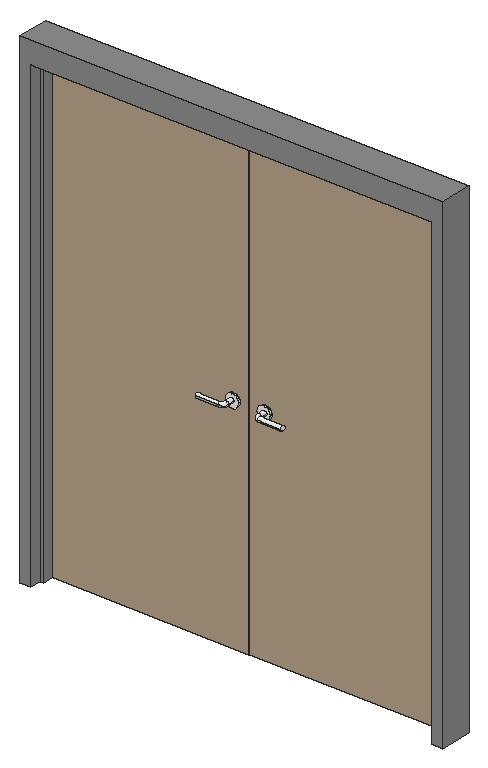
Revit family "59ced259b47242f8bc4b3b6d40734f86", category Doors, host Wall, Revit 2021
Family settings
  Host = Wall
  OmniClass Number = 23.30.10.00
  OmniClass Title = Doors
  Always vertical = Yes
  Cut with Voids When Loaded = No
  Shared = No
  Room Calculation Point = No
Parameters
  Visual Light Transmittance = 0
  Thickness = 1 3/4"
  Thermal Resistance (R) = 1.5338 (h·ft²·°F)/BTU
  Swing Angle [instance] = 90.00°
  Strike Height = 40"
  Solar Heat Gain Coefficient = 0
  SinglePanelWidth = Width / 2  # 36"
  Rough Width [instance] = Width + MFOpeningWidth  # 76"
  Rough Height [instance] = Height + MFOpeningHeight  # 88"
  Panel Material = Metal Door - Brindle
  Masonry Frame [instance] = yes
  MFOpeningHeight [instance] = if(Masonry Frame, 4", 1 1/4")  # 4"
  MFOpeningWidth [instance] = if(Masonry Frame, 4", 2 1/2")  # 4"
  Inset Calculate [instance] = if(Masonry Frame, Masonry Inset + 3", 3")  # 4"
  Masonry Inset [instance] = 1"
  Height = 84"
  Wall Closure = By host
  Width = 72"
  Heat Transfer Coefficient (U) = 0.6520 BTU/(h·ft²·°F)
  Function = Exterior
  Frame Material = Metal - Painted - Grey
  Masonry Frame Depth = 5 3/4"
  Dry Wall Frame [instance] = not(Masonry Frame)  # no
  Door Handle Material = Metal - Aluminium
  Assembly Code = "B2030200"
  Analytic Construction = "Metal"
Reference planes (in)
  plane 1 "Center (Front/Back)": y = 0
  plane 2 "Center (Left/Right)": x = 0
  plane 3 "Left": x = -38
  plane 4 "Right": x = 38
  plane 5 "Top": z = 88
  plane 6 "Exterior": y = 4.25
  plane 7 "Interior": y = -3.75
  plane 8 "Door Panel Right": x = -36
  plane 9 "Door Panel Left": x = 36
  plane 10 "Top Of Panel": z = 84
  plane 11: z = 0
  plane 12: z = 0
  plane 13: y = 1.5
  plane 14: z = 40
  plane 15: y = 3.25
  plane 16: y = -2.5
  plane 17: y = 1.3125
  plane 18: x = -35.375
  plane 19: y = -0.5625
  plane 20: z = 86
  plane 21: y = 7.25
  plane 22: z = 86
  plane 23: x = 36.75
  plane 24: x = 38.75
  plane 25: y = 4.75
  plane 26: y = -4.25
  plane 27: x = 36.125
  plane 28: y = 1.3125
  plane 29: y = -0.1875
  plane 30: y = 2.375
  plane 31: y = 2.75
  plane 32: y = 2
Forms (in)
  Extrusion 1, solid, material "Metal Door - Brindle" <- "Panel Material"
    sketch origin (0, 0, 0) x (1, 0, 0) y (0, 0, 1)
      loop
        line (36, 84) -> (0.0625, 84) -> (0.0625, 0) -> (36, 0) -> (36, 84)
      loop
        line (-36, 0) -> (-0.0625, 0) -> (-0.0625, 84) -> (-36, 84) -> (-36, 0)
    from -3.25 to -1.5
  Sweep 2, solid, material "Metal - Painted - Grey" <- "Frame Material", visible <- "Masonry Frame"
    path origin (0, 4.25, 0) x (1, 0, 0) y (0, 0, 1)
      loop
        line (38, 0) -> (38, 86) -> (-38, 86) -> (-38, 0)
    profile origin (-38, 4.25, 43) x (0, -1, 0) y (1, 0, 0)
      loop
        line (1, 2) -> (1, 0) -> (6.75, 0) -> (6.75, 2) -> (4.8125, 2) -> (4.8125, 2.625) -> (2.9375, 2.625) -> (2.9375, 2) -> (1, 2)
  Extrusion 3, solid, material "Metal - Painted - Grey" <- "Frame Material", visible <- "Masonry Frame"
    sketch origin (0, 0, 0) x (0, 1, 0) y (0, 0, 1)
      loop
        line (3.25, 88) -> (-2.5, 88) -> (-2.5, 86) -> (3.25, 86) -> (3.25, 88)
    from -38 to 38
  Sweep 4, solid, material "Metal - Painted - Grey" <- "Frame Material", visible <- "Dry Wall Frame"
    path origin (0, 4.25, 0) x (1, 0, 0) y (0, 0, 1)
      loop
        line (38, 0) -> (38, 88) -> (-38, 88) -> (-38, 0)
    profile origin (38, 4.25, 44) x (-1, 0, 0) y (0, -1, 0)
      loop
        line (-0.75, -0.5) -> (1.25, -0.5) -> (1.25, 2.9375) -> (1.875, 2.9375) -> (1.875, 4.4375) -> (1.25, 4.4375) -> (1.25, 8.5) -> (-0.75, 8.5) -> (-0.75, 8) -> (0, 8) -> (0, 0) -> (-0.75, 0) -> (-0.75, -0.5)
Cuts and joins
  joined: Sweep 2, Extrusion 3
Lines and regions (in)
  Opening 1
    outline origin (-90, -3.75, 0) x (1, 0, 0) y (0, 0, 1)
      loop
        line (52, 0) -> (128, 0) -> (128, 88) -> (52, 88) -> (52, 0)
  Masking region 1, visible <- "Masonry Frame", detail levels coarse+medium
    outline origin (0, 0, 0) x (1, 0, 0) y (0, 1, 0)
      loop
        line (-38, 3.25) -> (-38, -2.5) -> (-36, -2.5) -> (-36, 3.25) -> (-38, 3.25)
      loop
        line (38, 3.25) -> (36, 3.25) -> (36, -2.5) -> (38, -2.5) -> (38, 3.25)
  Masking region 2, visible <- "Masonry Frame", detail levels fine
    outline origin (0, 0, 0) x (1, 0, 0) y (0, 1, 0)
      loop
        line (-38, 3.25) -> (-38, -2.5) -> (-36, -2.5) -> (-36, -0.5625) -> (-35.375, -0.5625) -> (-35.375, 1.3125) -> (-36, 1.3125) -> (-36, 3.25) -> (-38, 3.25)
      loop
        line (38, 3.25) -> (36, 3.25) -> (36, 1.3125) -> (35.375, 1.3125) -> (35.375, -0.5625) -> (36, -0.5625) -> (36, -2.5) -> (38, -2.5) -> (38, 3.25)
  Masking region 3, visible <- "Dry Wall Frame", detail levels coarse+medium
    outline origin (0, 0, 0) x (1, 0, 0) y (0, 1, 0)
      loop
        line (36.75, -3.75) -> (38, -3.75) -> (38, 4.25) -> (36.75, 4.25) -> (36.75, -3.75)
      loop
        line (-38, 4.25) -> (-38, -3.75) -> (-36.75, -3.75) -> (-36.75, 4.25) -> (-38, 4.25)
  Masking region 4, visible <- "Dry Wall Frame", detail levels fine
    outline origin (0, 0, 0) x (1, 0, 0) y (0, 1, 0)
      loop
        line (-38.75, 4.75) -> (-38.75, 4.25) -> (-38, 4.25) -> (-38, -3.75) -> (-38.75, -3.75) -> (-38.75, -4.25) -> (-36.75, -4.25) -> (-36.75, -0.1875) -> (-36.125, -0.1875) -> (-36.125, 1.3125) -> (-36.75, 1.3125) -> (-36.75, 4.75) -> (-38.75, 4.75)
      loop
        line (38.75, 4.25) -> (38.75, 4.75) -> (36.75, 4.75) -> (36.75, 1.3125) -> (36.125, 1.3125) -> (36.125, -0.1875) -> (36.75, -0.1875) -> (36.75, -4.25) -> (38.75, -4.25) -> (38.75, -3.75) -> (38, -3.75) -> (38, 4.25) -> (38.75, 4.25)
Text (in)
  text "Exterior" at (-74.96733, 27.31104, 0), in view "Ref. Level"
  text "Interior" at (-74.96733, -25.14366, 0), in view "Ref. Level"
  text "Exterior" at (0, 40.15149, 123.01588), in view "Right"
  text "Interior" at (0, -64.39139, 123.01588), in view "Right"
  text "Interior" at (0, -31.01599, 123.00693), in view "Left"
  text "Exterior" at (0, 54.57065, 123.00693), in view "Left"
Dimensions and locks (in)
  equal spacing: plane 3 "Left", plane 2 "Center (Left/Right)", plane 4 "Right"
  "Rough Height": level to plane 5 "Top"
  equal spacing: plane 8 "Door Panel Right", plane 2 "Center (Left/Right)", plane 9 "Door Panel Left"
  "Width": plane 8 "Door Panel Right" to plane 9 "Door Panel Left"
  "Height": level to plane 10 "Top Of Panel"
  plane 11 to plane 12 = 0"
  "Rough Width": plane 3 "Left" to plane 4 "Right"
  "Thickness": plane 15 to plane 13
  "Masonry Frame Depth": plane 15 to plane 16
  locked: plane 13 to plane 17 at 0.1875
  locked: plane 16 to plane 19 at 1.9375
  locked: plane 8 "Door Panel Right" to plane 18 at 0.625
  locked: plane 20 to plane 5 "Top" at 2
  locked: plane 6 "Exterior" to plane 21 at 3
  "Inset Calculate": plane 21 to plane 15
  locked: plane 10 "Top Of Panel" to plane 22 at 2
  locked: plane 4 "Right" to plane 24 at 0.75
  locked: plane 6 "Exterior" to plane 25 at 0.5
  locked: plane 26 to plane 7 "Interior" at 0.5
  locked: plane 23 to plane 24 at 2
  plane 13 to plane 28 to plane 29 = 3/16" locked, 1 1/2" locked
  locked: plane 27 to plane 23 at 0.625
  "Strike Height": plane 11 to plane 14
  locked: Extrusion 1 sketch curve to plane 2 "Center (Left/Right)" at 0.0625
  locked: plane 2 "Center (Left/Right)" to Extrusion 1 sketch curve at 0.0625
  equal spacing: plane 15, plane 30, plane 13
  locked: plane 31 to plane 32 at 0.75
  equal spacing: plane 31, plane 30, plane 32
  aligned and locked: plane 3 "Left" to Opening 1 sketch curve
  aligned and locked: plane 5 "Top" to Opening 1 sketch curve  (x2)
  aligned and locked: Opening 1 sketch curve to plane 4 "Right"
  aligned and locked: Opening 1 sketch curve to level
  aligned and locked: plane 6 "Exterior" to host wall
  aligned and locked: plane 7 "Interior" to host wall
  aligned and locked: plane 11 to level
  aligned and locked: Extrusion 1 sketch curve to plane 10 "Top Of Panel"
  aligned and locked: Extrusion 1 sketch curve to plane 8 "Door Panel Right"
  aligned and locked: plane 9 "Door Panel Left" to Extrusion 1 sketch curve
  aligned and locked: Extrusion 1 sketch curve to plane 12
  aligned and locked: Extrusion 1 to plane 13
  aligned and locked: nested 1 to plane 9 "Door Panel Left"
  aligned and locked: nested 2 to plane 14
  aligned and locked: nested 3 to plane 13
  aligned and locked: plane 14 to nested 3
  aligned and locked: nested 2 to plane 15
  aligned and locked: Sweep 2 sketch curve to plane 3 "Left"  (x2)
  aligned and locked: plane 11 to Sweep 2 sketch curve  (x2)
  aligned and locked: plane 18 to Sweep 2 sketch curve
  aligned and locked: plane 8 "Door Panel Right" to Sweep 2 sketch curve  (x2)
  aligned and locked: Sweep 2 sketch curve to plane 17
  aligned and locked: plane 19 to Sweep 2 sketch curve
  aligned and locked: plane 16 to Sweep 2 sketch curve
  aligned and locked: Sweep 2 sketch curve to plane 15
  aligned and locked: Sweep 2 sketch curve to plane 4 "Right"
  aligned and locked: plane 5 "Top" to Extrusion 3 sketch curve
  aligned and locked: Extrusion 3 sketch curve to plane 16
  aligned and locked: Extrusion 3 sketch curve to plane 15
  aligned and locked: plane 20 to Extrusion 3 sketch curve
  aligned and locked: cut or joined group of Sweep 2, Extrusion 3 to plane 4 "Right"
  aligned and locked: plane 3 "Left" to cut or joined group of Sweep 2, Extrusion 3
  aligned and locked: Masking region 1 sketch curve to plane 15  (x2)
  aligned and locked: plane 8 "Door Panel Right" to Masking region 1 sketch curve
  aligned and locked: plane 16 to Masking region 1 sketch curve  (x2)
  aligned and locked: Masking region 1 sketch curve to plane 3 "Left"
  aligned and locked: Masking region 1 sketch curve to plane 4 "Right"
  aligned and locked: plane 9 "Door Panel Left" to Masking region 1 sketch curve
  aligned and locked: Masking region 2 sketch curve to plane 3 "Left"
  aligned and locked: plane 16 to Masking region 2 sketch curve  (x2)
  aligned and locked: plane 8 "Door Panel Right" to Masking region 2 sketch curve  (x2)
  aligned and locked: Masking region 2 sketch curve to plane 15  (x2)
  aligned and locked: Masking region 2 sketch curve to cut or joined group of Sweep 2, Extrusion 3  (x4)
  aligned and locked: Masking region 2 sketch curve to plane 4 "Right"
  aligned and locked: plane 9 "Door Panel Left" to Masking region 2 sketch curve  (x2)
  aligned and locked: cut or joined group of Sweep 2, Extrusion 3 to Masking region 2 sketch curve  (x2)
  aligned and locked: Sweep 2 sketch curve to plane 22
  aligned and locked: plane 4 "Right" to Sweep 4 sketch curve
  aligned and locked: Sweep 4 sketch curve to plane 3 "Left"
  aligned and locked: plane 24 to Sweep 4 sketch curve  (x2)
  aligned and locked: Sweep 4 sketch curve to plane 7 "Interior"
  aligned and locked: plane 26 to Sweep 4 sketch curve
  aligned and locked: Sweep 4 sketch curve to plane 23  (x2)
  aligned and locked: plane 29 to Sweep 4 sketch curve
  aligned and locked: plane 27 to Sweep 4 sketch curve
  aligned and locked: Sweep 4 sketch curve to plane 28
  aligned and locked: Sweep 4 sketch curve to plane 25
  aligned and locked: plane 6 "Exterior" to Sweep 4 sketch curve
  aligned and locked: Sweep 4 sketch curve to plane 4 "Right"
  aligned and locked: plane 5 "Top" to Sweep 4 sketch curve
  aligned and locked: Masking region 3 sketch curve to plane 6 "Exterior"
  aligned and locked: plane 7 "Interior" to Masking region 3 sketch curve
  aligned and locked: Masking region 3 sketch curve to plane 4 "Right"
  aligned and locked: Masking region 3 sketch curve to Sweep 4  (x2)
  aligned and locked: plane 6 "Exterior" to Masking region 3 sketch curve
  aligned and locked: Masking region 3 sketch curve to plane 3 "Left"
  aligned and locked: Masking region 3 sketch curve to plane 7 "Interior"
  aligned and locked: Masking region 4 sketch curve to plane 3 "Left"
  aligned and locked: Masking region 4 sketch curve to Sweep 4  (x13)
  aligned and locked: Masking region 4 sketch curve to plane 6 "Exterior"
  aligned and locked: plane 7 "Interior" to Masking region 4 sketch curve
  aligned and locked: Masking region 4 sketch curve to plane 4 "Right"
  aligned and locked: Masking region 4 sketch curve to plane 7 "Interior"
  aligned and locked: Sweep 4 to Masking region 4 sketch curve  (x5)
  aligned and locked: plane 6 "Exterior" to Masking region 4 sketch curve
  aligned and locked: plane 11 to Sweep 4 sketch curve  (x2)
  aligned and locked: plane 2 "Center (Left/Right)" to nested 2
  aligned and locked: nested 3 to plane 2 "Center (Left/Right)"
  aligned and locked: plane 13 to nested 5
  aligned and locked: plane 2 "Center (Left/Right)" to nested 4
  aligned and locked: nested 5 to plane 2 "Center (Left/Right)"
  aligned and locked: plane 12 to Extrusion 1 sketch curve
  aligned and locked: nested 6 to plane 8 "Door Panel Right"
  aligned and locked: plane 14 to nested 4
  aligned and locked: plane 15 to nested 6
  aligned and locked: nested 1 to plane 15
Automatic sketch dimensions
  Extrusion 1 sketch curve to plane 10 "Top Of Panel" = 0"
Nested families (in)
  nested 1: "Door Swing-Single" at (36, 3.25, 0), Swing Angle <- "Swing Angle", type "Single"
    with Swing Visible yes, Swing Angle 90.00°, Actual Angle 90.00°, Width 36", Thickness 1 3/4"
  nested 2: "Handle Lever" at (-5.90551, 3.25, 40), type "Standard", detail levels fine
  nested 3: "Handle Lever" at (-5.90551, 1.5, 40), type "Standard", detail levels fine
  nested 4: "Handle Lever" at (5.90551, 3.25, 40) x (-1, 0, 0) z (0, 0, 1), type "Standard", detail levels fine
  nested 5: "Handle Lever" at (5.90551, 1.5, 40) x (-1, 0, 0) z (0, 0, 1), type "Standard", detail levels fine
  nested 6: "Door Swing-Single" at (-36, 3.25, 0) x (-1, 0, 0) z (0, 0, 1), Swing Angle <- "Swing Angle", type "Single"
    with Swing Visible yes, Swing Angle 90.00°, Actual Angle 90.00°, Width 36", Thickness 1 3/4"
Definition of nested family "Handle Lever"
  Parameters (values of type "Standard")
    Material = none
    Handle Z Distance = 0"
    Handle X Distance = 2 61/64"
    Assembly Code = ""
    Analytic Construction = "<None>"
  Reference planes (in)
    plane 1 "Center (Front/Back)": y = 0
    plane 2: z = 0
    plane 3 "Center (Left/Right)": x = 5.90551
    plane 4: z = 0
    plane 5 "Handle C/L": x = 8.85864
  Forms (in)
    Extrusion 1, solid, material <- "Material"
      sketch origin (11.81102, 0, 0) x (1, 0, 0) y (0, 0, -1)
        loop
          circle (-3.05081, 0) r 1.1811
      from 0 to 0.31496
    Sweep 2, solid, material <- "Material"
      path origin (0, 0, 0) x (0, -1, 0) y (1, 0, 0)
        loop
          line (-0.31496, 8.85864) -> (-1.49606, 8.85864)
          arc (-1.49606, 8.85864) -> (-1.91365, 9.03161) -> (-2.08661, 9.44919) r 0.59055
          line (-2.08661, 9.44919) -> (-2.08661, 13.58305)
      profile origin (8.85864, 0.90551, 0) x (1, 0, 0) y (0, 0, 1)
        loop
          circle (0, 0) r 0.3937
  Dimensions and locks (in)
    "Handle Z Distance": plane 4 to level
    Sweep 2 sketch curve to Sweep 2 sketch curve = 4.13386"
    "Handle X Distance": plane 5 "Handle C/L" to plane 3 "Center (Left/Right)"
    plane 5 "Handle C/L" to Sweep 2 sketch curve = 4.72441"
    aligned and locked: plane 4 to Extrusion 1 sketch curve
  Automatic sketch dimensions
    Sweep 2 sketch curve to profile plane = 0"  (x2)
    Sweep 2 sketch curve to plane 5 "Handle C/L" = 0"
    Sweep 2 sketch curve to plane 1 "Center (Front/Back)" = 2.08661"
    Sweep 2 sketch curve to plane 1 "Center (Front/Back)" = 0.31496"
    Extrusion 1 sketch curve to plane 5 "Handle C/L" = 0.09843"
    radius of Sweep 2 sketch curve = 0.3937"
    radius of Extrusion 1 sketch curve = 1.1811"
Definition of nested family "Door Swing-Single"
  Parameters
    Width = 32"
    Thickness = 1 3/8"
    Swing Visible [instance] = Swing Angle > 1.00°  # yes
    Swing Angle [instance] = 45.00°
    Assembly Code = ""
    Actual Angle [instance] = if(Swing Angle < 1.00°, 1.00°, Swing Angle)  # 45.00°
  Reference planes (in)
    plane 1 "Center (Front/Back)": y = 0
    plane 2: z = 0
    plane 3 "Center (Left/Right)": x = 0
    plane 4: x = -32
  Lines and regions (in)
    Masking region 1
      outline origin (0, 0, 0) x (-0.707107, 0.707107, 0) y (-0.707107, -0.707107, 0)
        loop
          line (0, 0) -> (32, 0) -> (32, 1.375) -> (0, 1.375) -> (0, 0)
    symbolic lines
      curve 1: line (0, 0, 0) -> (-32, 0, 0)
    symbolic lines, visible <- "Swing Visible"
      curve 2: arc (-32, 0, 0) -> (-29.56415, 12.24587, 0) -> (-22.62742, 22.62742, 0) r 32
    reference lines
      curve 3: line (0, 0, 0) -> (-22.62742, 22.62742, 0)
    model lines
      curve 4: line (0, 0, 0) -> (0, 0, 1)
  Dimensions and locks (in)
    "Width": plane 4 to plane 3 "Center (Left/Right)"
    locked: curve 2 to plane 3 "Center (Left/Right)"
    locked: curve 2 to plane 1 "Center (Front/Back)"
    "Width": curve 3 to curve 3
    "Thickness": Masking region 1 sketch curve to Masking region 1 sketch curve
    locked: curve 4 to plane 2 at 1
    "Width": radius of curve 2
    "Actual Angle": angle curve 2 to curve 2
    "Swing Angle": angle curve 3 to plane 1 "Center (Front/Back)"
    aligned and locked: curve 1 to plane 1 "Center (Front/Back)"
    aligned and locked: plane 3 "Center (Left/Right)" to curve 1
    aligned and locked: plane 3 "Center (Left/Right)" to curve 3
    aligned and locked: plane 1 "Center (Front/Back)" to curve 3
    aligned and locked: curve 3 to Masking region 1 sketch curve
    aligned and locked: Masking region 1 sketch curve to curve 3  (x2)
    aligned and locked: plane 3 "Center (Left/Right)" to curve 4
    aligned and locked: plane 2 to curve 4
